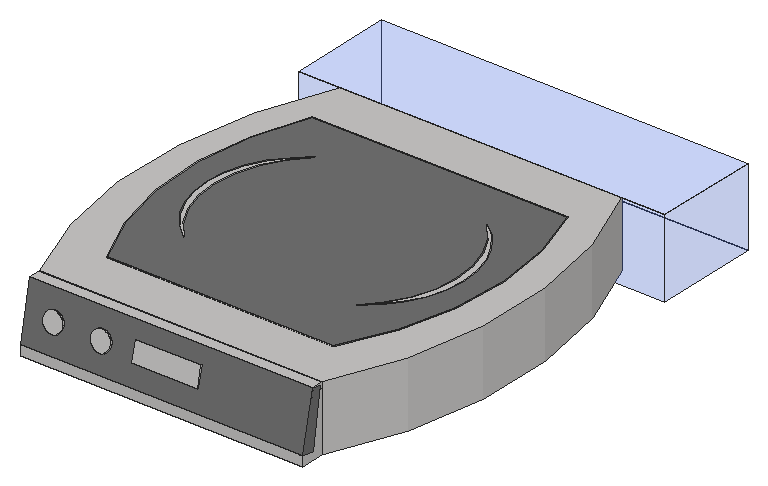
Revit family "QF_Vollrath 59510F", category Specialty Equipment, Revit 2016
Family settings
  Part Type = Normal
  Round Connector Dimension = Use Diameter
  OmniClass Number = 23.40.40.14.17.14
  OmniClass Title = Hot Plates
  Work Plane-Based = No
  Always vertical = Yes
  Cut with Voids When Loaded = No
  Shared = No
  Room Calculation Point = No
Parameters (values of type "59510F")
  Weight in Pounds = 12.8
  Watts = 1400 W
  Watermarked By = "http://revitwatermark.com"
  Volts = 120 V
  URL Cutsheet = ""
  URL = "www.vollrathco.com"
  Status [instance] = ""
  Specification by User [instance] = ""
  Specification by Manufacturer = ""
  Serial Number [instance] = ""
  Seismic Rating [instance] = ""
  Revision Code [instance] = ""
  Phase = 1
  Number of Poles [instance] = 1
  NAFEM Spec ID Number [instance] = ""
  Model = "59510F"
  Masterspec = ""
  Manufacturer = "Vollrath"
  Item Number [instance] = ""
  Installed By [instance] = ""
  Height AFF [instance] = 3' - 0"
  Furnished By [instance] = ""
  Foodservice Equipment Identifier [instance] = yes
  FL Amps = 12 A
  Electrical Remarks [instance] = ""
  Electric Connection Type [instance] = ""
  Elec Conn RI Height [instance] = 0' - 0"
  Elec Conn Connection Height = 0' - 2"
  Description = "Induction Fajita Skillet Heater"
  Cycle = 60 Hz
  Conn Plug = "NEMA 5-15P"
  CSI MasterFormat = "11 42 13"
  Assembly Code = "E1090320"
  Apparent Power = if(Phase = 3, Volts * FL Amps * 1.73, Volts * FL Amps)  # 1440 VA
Reference planes (in)
  plane 1: z = 0
  plane 2 "LEFT": x = 48
  plane 3 "BACK": y = -48.065
  plane 4 "BOTTOM": z = 36
  plane 5 "FRONT": y = -63.315
  plane 6 "TOP": z = 39
  plane 7: y = -44.065
  plane 8 "RIGHT": x = 62
  plane 9: z = 36.5
  plane 10: x = 50
  plane 11: z = 38
Forms (in)
  Extrusion 1, solid, material "QF_Finishes_Stainless Steel"
    sketch origin (0, 0, 0) x (1, 0, 0) y (0, 1, 0)
      loop
        line (50.6012, -60.49075) -> (59.26879, -60.49075)
        arc (59.26879, -60.49075) -> (60.7812, -55.30043) -> (59.81973, -49.98043) r 11.79794
        line (59.81973, -49.98043) -> (50.05026, -49.98043)
        arc (50.05026, -49.98043) -> (49.08879, -55.30043) -> (50.6012, -60.49075) r 11.79794
      loop
        line (60.36999, -48.065) -> (49.56, -48.065)
        arc (49.56, -48.065) -> (47.95254, -55.22951) -> (49.56, -62.39402) r 16.77005
        line (49.56, -62.39402) -> (60.36999, -62.39402)
        arc (60.36999, -62.39402) -> (62.0733, -55.22951) -> (60.36999, -48.065) r 15.91951
    from 36.5 to 39
  Extrusion 2, solid, material "QF_Finishes_Grey"
    sketch origin (0, 0, 0) x (1, 0, 0) y (0, 1, 0)
      loop
        arc (50.05026, -49.98043) -> (49.08879, -55.30043) -> (50.6012, -60.49075) r 11.79794
        line (50.6012, -60.49075) -> (59.26879, -60.49075)
        arc (59.26879, -60.49075) -> (60.7812, -55.30043) -> (59.81973, -49.98043) r 11.79794
        line (59.81973, -49.98043) -> (50.05026, -49.98043)
      loop
        arc (51.64059, -58.08067) -> (50.30465, -54.95567) -> (51.64059, -51.83067) r 4.32294
        arc (51.64059, -51.83067) -> (50.04212, -54.95567) -> (51.64059, -58.08067) r 3.85391
      loop
        arc (58.2294, -58.08067) -> (59.82788, -54.95567) -> (58.2294, -51.83067) r 3.85391
        arc (58.2294, -51.83067) -> (59.56534, -54.95567) -> (58.2294, -58.08067) r 4.32294
    from 36.5 to 39
  Extrusion 3, solid, material "QF_Finishes_Stainless Steel"
    sketch origin (0, -1, 0) x (1, 0, 0) y (0, 1, 0)
      loop
        arc (58.2294, -57.08067) -> (59.82788, -53.95567) -> (58.2294, -50.83067) r 3.85391
        arc (58.2294, -50.83067) -> (59.56534, -53.95567) -> (58.2294, -57.08067) r 4.32294
      loop
        arc (51.64059, -50.83067) -> (50.04212, -53.95567) -> (51.64059, -57.08067) r 3.85391
        arc (51.64059, -57.08067) -> (50.30465, -53.95567) -> (51.64059, -50.83067) r 4.32294
    from 36.5 to 39
  Extrusion 4, solid, material "QF_Finishes_Stainless Steel"
    sketch origin (0, 0, 0) x (1, 0, 0) y (0, 1, 0)
      loop
        circle (50.00787, -48.71869) r 0.25
      loop
        circle (59.75787, -48.71869) r 0.25
      loop
        circle (59.75787, -59.21869) r 0.25
      loop
        circle (50.14153, -59.21869) r 0.25
    from 36 to 36.5
  Extrusion 5, solid, material "QF_Finishes_Stainless Steel"
    sketch origin (48, 0.00545, 0.03878) x (0, 1, 0) y (0, 0, 1)
      loop
        line (-62.86202, 38.96122) -> (-62.47623, 38.89663) -> (-62.77961, 36.73791) -> (-63.32045, 36.83193) -> (-63.32045, 36.46122) -> (-62.39947, 36.46122) -> (-62.39947, 38.96122) -> (-62.86202, 38.96122)
    from 1.56 to 12.36999
  Extrusion 6, solid, material "QF_Finishes_Stainless Steel"
    sketch origin (0, -53.66876, 20.05309) x (1, 0, 0) y (0, 0.210477, 0.977599)
      loop
        line (56.23101, 15.95768) -> (53.73101, 15.95768) -> (53.73101, 15.20768) -> (56.23101, 15.20768) -> (56.23101, 15.95768)
      loop
        circle (52.47736, 15.49961) r 0.38574
      loop
        circle (50.64511, 15.49961) r 0.38574
    from 12.96987 to 13
  Extrusion 7, solid, material "QF_Finishes_Grey"
    sketch origin (48, 0, 0) x (0, 1, 0) y (0, 0, 1)
      loop
        line (-62.85656, 39) -> (-63.315, 36.87071) -> (-62.77416, 36.7767) -> (-62.47078, 38.93541) -> (-62.85656, 39)
    from 1.56 to 12.36999
  Extrusion 8, solid, material "QF_Finishes_Clearances"
    sketch origin (0, 0, 0) x (1, 0, 0) y (0, 1, 0)
      loop
        line (48, -44.065) -> (48, -48.065) -> (62, -48.065) -> (62, -44.065) -> (48, -44.065)
    from 36 to 39
  Extrusion 9, solid, material "QF_Finishes_Stainless Steel"
    sketch origin (0, -48.065, 0) x (1, 0, 0) y (0, 0, 1)
      loop
        circle (50, 38) r 0.25
    from -0.34646 to 0
Lines and regions (in)
  symbolic lines
    curve 1: arc (49.56, -48.065, 0) -> (47.95254, -55.22951, 0) -> (49.56, -62.39402, 0) r 16.77005
    curve 2: arc (50.05026, -49.98043, 0) -> (49.08879, -55.30043, 0) -> (50.6012, -60.49075, 0) r 11.79794
    curve 3: line (59.81973, -49.98043, 0) -> (50.05026, -49.98043, 0)
    curve 4: line (50.6012, -60.49075, 0) -> (59.26879, -60.49075, 0)
    curve 5: arc (59.26879, -60.49075, 0) -> (60.7812, -55.30043, 0) -> (59.81973, -49.98043, 0) r 11.79794
    curve 6: arc (58.2294, -51.83067, 0) -> (59.56534, -54.95567, 0) -> (58.2294, -58.08067, 0) r 4.32294
    curve 7: arc (58.2294, -58.08067, 0) -> (59.82788, -54.95567, 0) -> (58.2294, -51.83067, 0) r 3.85391
    curve 8: arc (51.64059, -58.08067, 0) -> (50.30465, -54.95567, 0) -> (51.64059, -51.83067, 0) r 4.32294
    curve 9: arc (51.64059, -51.83067, 0) -> (50.04212, -54.95567, 0) -> (51.64059, -58.08067, 0) r 3.85391
    curve 10: arc (60.36999, -62.39402, 0) -> (62.0733, -55.22951, 0) -> (60.36999, -48.065, 0) r 15.91951
    curve 11: line (60.36999, -62.39402, 0) -> (49.56, -62.39402, 0)
    curve 12: line (49.56, -63.315, 0) -> (60.36999, -63.315, 0)
    curve 13: line (60.36999, -63.315, 0) -> (60.36999, -62.39402, 0)
    curve 14: line (49.56, -62.39402, 0) -> (49.56, -63.315, 0)
    curve 15: line (49.56, -48.065, 0) -> (60.36999, -48.065, 0)
Dimensions and locks (in)
  "Height AFF": plane 4 "BOTTOM" to level
  plane 5 "FRONT" to plane 3 "BACK" = 1' - 3 1/4"
  locked: plane 3 "BACK" to plane 7 at 4
  plane 2 "LEFT" to plane 8 "RIGHT" = 1' - 2"
  locked: plane 9 to plane 4 "BOTTOM" at 0.5
  locked: plane 6 "TOP" to plane 9 at 2.5
  locked: Extrusion 6 to plane 4 "BOTTOM" at 1.6563
  locked: plane 4 "BOTTOM" to Extrusion 9 sketch curve at 2
  aligned and locked: level to plane 1
  aligned and locked: plane 6 "TOP" to Extrusion 2
  aligned and locked: Extrusion 1 to Extrusion 2
  aligned and locked: Extrusion 1 to Extrusion 3
  aligned and locked: plane 6 "TOP" to Extrusion 3
  aligned and locked: plane 6 "TOP" to Extrusion 1
  aligned and locked: Extrusion 1 to Extrusion 4
  aligned and locked: plane 6 "TOP" to Extrusion 5
  aligned and locked: Extrusion 4 to plane 4 "BOTTOM"
  aligned and locked: Extrusion 1 to plane 9
  aligned and locked: Extrusion 2 to plane 9
  aligned and locked: Extrusion 1 to plane 6 "TOP"
  aligned and locked: plane 6 "TOP" to Extrusion 5 sketch curve
  aligned and locked: Extrusion 5 sketch curve to plane 9
  aligned and locked: Extrusion 5 sketch curve to plane 5 "FRONT"
  aligned and locked: Extrusion 5 sketch curve to Extrusion 1
  aligned and locked: Extrusion 7 sketch curve to Extrusion 5  (x3)
  aligned and locked: Extrusion 5 to Extrusion 7
  aligned and locked: Extrusion 7 to Extrusion 5
  aligned and locked: plane 6 "TOP" to Extrusion 8
  aligned and locked: Extrusion 8 to plane 4 "BOTTOM"
Automatic sketch dimensions
  plane 3 "BACK" to Extrusion 1 sketch curve = 0' - 0"
  Extrusion 1 sketch curve to plane 2 "LEFT" = 0' - 1.84621"
  plane 2 "LEFT" to Extrusion 1 sketch curve = 0' - 0.99944"
  plane 2 "LEFT" to Extrusion 1 sketch curve = 0' - 1.56"  (x2)
  Extrusion 1 sketch curve to Extrusion 1 sketch curve = 0' - 0.49027"
  Extrusion 1 sketch curve to Extrusion 1 sketch curve = 0' - 1.04121"
  plane 8 "RIGHT" to Extrusion 1 sketch curve = 0' - 2.73121"
  plane 3 "BACK" to Extrusion 1 sketch curve = 0' - 1.91543"
  plane 8 "RIGHT" to Extrusion 1 sketch curve = 0' - 2.18027"
  plane 8 "RIGHT" to Extrusion 1 sketch curve = 0' - 1.63001"  (x2)
  plane 5 "FRONT" to Extrusion 1 sketch curve = 0' - 0.92098"
  plane 8 "RIGHT" to Extrusion 1 sketch curve = 0' - 1.12944"
  Extrusion 1 sketch curve to plane 8 "RIGHT" = 0' - 2.72259"
  Extrusion 1 sketch curve to Extrusion 1 sketch curve = 0' - 1.90328"
  plane 2 "LEFT" to Extrusion 2 sketch curve = 0' - 0.99944"
  plane 2 "LEFT" to Extrusion 2 sketch curve = 0' - 2.05026"
  plane 2 "LEFT" to Extrusion 2 sketch curve = 0' - 2.6012"
  Extrusion 2 sketch curve to Extrusion 2 sketch curve = 0' - 1.59032"
  Extrusion 2 sketch curve to Extrusion 2 sketch curve = 0' - 1.03938"  (x2)
  Extrusion 2 sketch curve to Extrusion 2 sketch curve = 0' - 2.25544"
  Extrusion 2 sketch curve to Extrusion 2 sketch curve = 0' - 0.73156"  (x2)
  Extrusion 2 sketch curve to Extrusion 2 sketch curve = 0' - 0.61482"
  plane 8 "RIGHT" to Extrusion 2 sketch curve = 0' - 3.7706"  (x2)
  plane 3 "BACK" to Extrusion 2 sketch curve = 0' - 1.91543"
  plane 8 "RIGHT" to Extrusion 2 sketch curve = 0' - 2.18027"
  plane 8 "RIGHT" to Extrusion 2 sketch curve = 0' - 1.12944"
  Extrusion 2 sketch curve to Extrusion 2 sketch curve = 0' - 1.85024"  (x2)
  Extrusion 2 sketch curve to Extrusion 2 sketch curve = 0' - 2.85217"
  Extrusion 2 sketch curve to Extrusion 2 sketch curve = 0' - 3 1/8"
  Extrusion 2 sketch curve to Extrusion 2 sketch curve = 0' - 0"
  plane 2 "LEFT" to Extrusion 3 sketch curve = 0' - 3.64059"  (x2)
  Extrusion 3 sketch curve to Extrusion 3 sketch curve = 0' - 2.25544"
  Extrusion 3 sketch curve to Extrusion 3 sketch curve = 0' - 0.73156"  (x2)
  Extrusion 3 sketch curve to Extrusion 3 sketch curve = 0' - 0.61482"
  plane 8 "RIGHT" to Extrusion 3 sketch curve = 0' - 3.7706"  (x2)
  plane 5 "FRONT" to Extrusion 3 sketch curve = 0' - 5.23433"  (x2)
  Extrusion 3 sketch curve to Extrusion 3 sketch curve = 0' - 3 1/8"
  Extrusion 3 sketch curve to Extrusion 3 sketch curve = 0' - 0"
  plane 3 "BACK" to Extrusion 4 sketch curve = 0' - 0.65369"  (x2)
  plane 2 "LEFT" to Extrusion 4 sketch curve = 0' - 2.00787"
  plane 2 "LEFT" to Extrusion 4 sketch curve = 0' - 2.14153"
  plane 8 "RIGHT" to Extrusion 4 sketch curve = 0' - 2.24213"  (x2)
  plane 5 "FRONT" to Extrusion 4 sketch curve = 0' - 4.09631"  (x2)
  plane 5 "FRONT" to Extrusion 5 sketch curve = 0' - 0.45844"
  Extrusion 5 sketch curve to Extrusion 5 sketch curve = 0' - 0.38014"
  Extrusion 5 sketch curve to plane 6 "TOP" = 0' - 0.06459"
  Extrusion 5 sketch curve to Extrusion 5 sketch curve = 0' - 0.07675"
  plane 9 to Extrusion 5 sketch curve = 0' - 0.2767"
  Extrusion 5 sketch curve to Extrusion 5 sketch curve = 0' - 0.37071"
  Extrusion 7 sketch curve to plane 5 "FRONT" = 0' - 0"
  Extrusion 7 sketch curve to plane 6 "TOP" = 0' - 0"
  plane 2 "LEFT" to Extrusion 6 sketch curve = 0' - 2.25937"
  Extrusion 6 sketch curve to Extrusion 6 sketch curve = 0' - 0.38574"  (x2)
  Extrusion 6 sketch curve to Extrusion 6 sketch curve = 0' - 1.06078"
  Extrusion 6 sketch curve to Extrusion 6 sketch curve = 0' - 0.86791"
  Extrusion 6 sketch curve to Extrusion 6 sketch curve = 0' - 2 1/2"
  Extrusion 6 sketch curve to Extrusion 6 sketch curve = 0' - 0.29194"
  Extrusion 6 sketch curve to Extrusion 6 sketch curve = 0' - 0"  (x3)
  Extrusion 6 sketch curve to Extrusion 6 sketch curve = 0' - 0 3/4"
  Extrusion 8 sketch curve to plane 2 "LEFT" = 0' - 0"
  plane 3 "BACK" to Extrusion 8 sketch curve = 0' - 0"
  Extrusion 8 sketch curve to plane 8 "RIGHT" = 0' - 0"
  Extrusion 8 sketch curve to plane 7 = 0' - 0"
  Extrusion 9 sketch curve to plane 10 = 0' - 0"
  curve 14 to plane 5 "FRONT" = 0' - 0"
  plane 3 "BACK" to curve 10 = 0' - 0"
  curve 10 to plane 2 "LEFT" = 0' - 1.84621"
  plane 2 "LEFT" to curve 5 = 0' - 0.99944"
  curve 15 to plane 10 = 0' - 0.44"
  curve 1 to plane 10 = 0' - 0.44"
  plane 10 to curve 3 = 0' - 0.05026"
  plane 10 to curve 2 = 0' - 0.6012"
  plane 10 to curve 9 = 0' - 1.64059"  (x2)
  curve 8 to curve 9 = 0' - 2.25544"
  curve 9 to curve 8 = 0' - 0.73156"
  curve 8 to curve 6 = 0' - 0.61482"
  curve 6 to curve 7 = 0' - 0.73156"
  plane 8 "RIGHT" to curve 7 = 0' - 3.7706"
  plane 8 "RIGHT" to curve 6 = 0' - 3.7706"
  curve 6 to curve 4 = 0' - 1.03938"
  plane 8 "RIGHT" to curve 3 = 0' - 2.18027"
  plane 5 "FRONT" to curve 10 = 0' - 0.92098"
  plane 8 "RIGHT" to curve 10 = 0' - 1.63001"  (x2)
  plane 8 "RIGHT" to curve 2 = 0' - 1.12944"
  curve 1 to plane 8 "RIGHT" = 0' - 2.72259"
  curve 10 to curve 5 = 0' - 1.90328"
  curve 4 to curve 6 = 0' - 2.41008"
  curve 2 to curve 8 = 0' - 2.41008"
  curve 7 to curve 6 = 0' - 3 1/8"
  curve 9 to curve 6 = 0' - 0"
  curve 2 to curve 7 = 0' - 2.85217"
  radius of Extrusion 4 sketch curve = 0' - 0 1/4"  (x4)
  radius of Extrusion 9 sketch curve = 0' - 0 1/4"
Connectors (in)
  electrical at (50, -47.71854, 38), driven by "Number of Poles", driven by "Volts", driven by "Apparent Power"
    settings: on Extrusion 9, index 1, voltage 120 V, apparent load 1440 VA, apparent load phase1 0 VA, apparent load phase2 0 VA, apparent load phase3 0 VA, power factor 1, load classification "Other", number of poles 1, system type 30, power factor state 1, is connector primary yes, connector utility no, sub classification motor no, connector description "Electric Connection"
